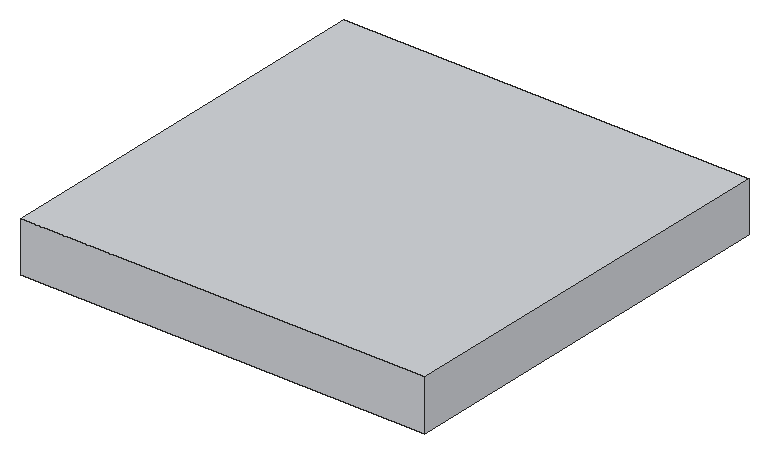
Revit family "00-7984-05-M1", category Luminarias, Revit 2017
Family settings
  Anfitrión = Cara
  Cota de conector redondo = Diámetro de uso
  Tipo de pieza = Normal
  Número OmniClass = 23.80.70.00
  Título OmniClass = Lighting
  Corte con vacíos al cargar = No
  Origen de luz = No
  Compartido = Sí
  Punto de cálculo de habitación = No
Parameters (values of type "00-7984-05-M1")
  Versión = "v1"
  Vatios (W) = 7
  Tipo de regulación = ""
  Tipo = "Colgante"
  Tender text (English) = "LEDS C4\nCoco Single\n00-7984-05-M1\n\nPendant for indoor use. \nStructure material: Steel, Aluminium. Structure finish: Black. Diffuser material: Polycarbonate. Diffuser finish: White. Warranty: 5 Years.\n\nProduct net weight (Kg): 0.000\nProduct width or diameter (mm): 175\nProduct height (mm): 1900\n\nClass 1. IP: IP20. E14. No. of lampholders or LEDs: 1. Maximum power of light source: 7W. Gear included: No. Total power: 7."
  Tender text (Castellano) = "LEDS C4\nCoco Single\n00-7984-05-M1\n\nColgante de uso interior \nMaterial estructura: Acero, Aluminio. Acabado estructura: Negro. Material difusor: Policarbonato. Acabado difusor: Blanco. Garantía: 5 Años.\n\nPeso neto del producto (Kg): 0.000\nAnchura o diámetro del producto (mm): 175\nAltura del producto (mm): 1900\n\nClase 1. IP: IP20. E14. Nº de portalámparas o Leds: 1. Potencia máxima de la fuente de luz: 7W. Equipo incluido: No. Potencia total: 7."
  Temperatura color led (K) = ""
  Referencia = "00-7984-05-M1"
  Rayo de luz = ""
  Producto descatalogado = "Catalogado ES"
  Pluma comercial = ""
  Peso neto (KG) = 0
  Material = "Acero, Aluminio, Policarbonato"
  Lumenes reales (lm) = 0
  LDT = ""
  Imagen web = "http://files.leds-c4.com/main-photo/00-7984-05-M1"
  IfcExportType = "NOTDEFINED"
  IfcExportAs = "IfcLightFixture\r\nIfcLightFixture"
  IP = "IP20"
  IMC = "http://files.leds-c4.com/imc/00-7984-05-M1.html"
  IK = ""
  Fuente de luz = ""
  Fotometría = ""
  Ficha = "http://files.leds-c4.com/ft/es/00-7984-05-M1.html"
  FechaVersion = "Julio 2020"
  Familia = "Coco Single"
  Fabricante = "LEDS C4"
  Etiqueta V/f = "100-240V/50-60Hz"
  Elevación por defecto = 1000 mm
  Eficiencia energética = "NO BULB"
  EAN13 = "8435575369726"
  DescripcionUniformat2010 = "Lighting"
  DescripcionUniclass2015 = "Lighting"
  DescripcionOmniclass = "Lighting"
  DescripcionGubimclass = "Iluminación interior"
  CodigoUniformat2010 = "D5040"
  CodigoUniclass2015 = "EF_70_80"
  CodigoOmniclass = "21-04 50 40"
  CodigoGubimclass = "50.60.50.20"
  Catálogo = "Decorative"
  Carga aparente = 0 VA
  CRI = 0
  Acabado = "Negro, Blanco"
Values of the unnamed type that differ from the named types
  Vatios (W) = 0
  Tipo = ""
  Tender text (English) = ""
  Tender text (Castellano) = ""
  Referencia = ""
  Producto descatalogado = ""
  Material = ""
  Imagen web = ""
  IP = ""
  IMC = ""
  Ficha = ""
  Familia = ""
  Etiqueta V/f = ""
  Eficiencia energética = ""
  EAN13 = ""
  Catálogo = ""
  Acabado = ""
Reference planes
  plane 1 "Centro (Frontal/Posterior)": y = 0
  plane 2: z = 0
  plane 3 "Centro (Izquierda/Derecha)": x = 0
  plane 4 "Elevación de origen de luz": z = 0
  plane 5 "Eje de origen de luz (F/P)": y = 0
  plane 6 "Eje de origen de luz (I/D)": x = 0
Forms (mm)
  Extrusion 1, solid
    sketch origin (0, 0, 0) x (1, 0, 0) y (0, 1, 0)
      loop
        line (-1219.2, 1219.2) -> (-1219.2, -1219.2) -> (1219.2, -1219.2) -> (1219.2, 1219.2) -> (-1219.2, 1219.2)
    from 0 to -304.8
Dimensions and locks
  aligned and locked: plane 2 to Extrusion 1
  aligned and locked: level to Extrusion 1
Connectors
  electrical at (0, 0, 0)
    settings: on Extrusion 1, index 1, voltage 0 V, apparent load 0 VA, apparent load phase1 0 VA, apparent load phase2 0 VA, apparent load phase3 0 VA, power factor 1, load classification "Otro", number of poles 1, system type 31, power factor state 1, is connector primary yes, connector utility no, sub classification motor no, connector description ""
